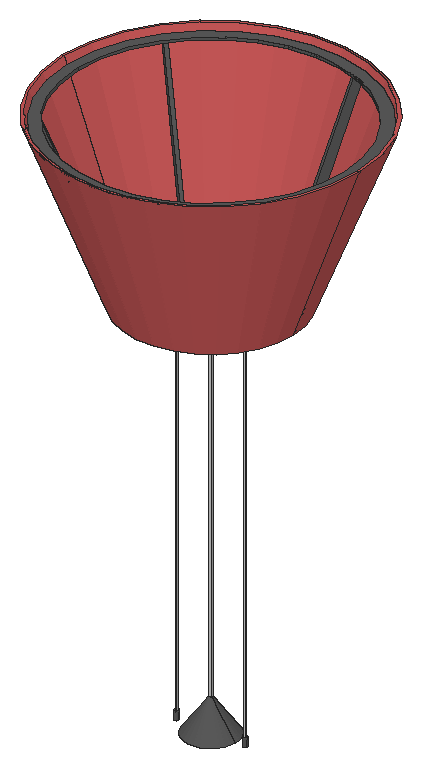
Revit family "Haworth_BuzziShade_Light", category Lighting Fixtures, host Face, Revit 2018
Family settings
  Host = Face
  Round Connector Dimension = Use Diameter
  Part Type = Normal
  Cut with Voids When Loaded = No
  Light Source = Yes
  Shared = No
  Room Calculation Point = No
Parameters (values of type "HCBZ-SHP1 - Medium")
  Wattage = 9.2903 W
  Warranty = "http://www.haworth.com/resources/product-info/warranties"
  built-in parameter 1150110 = 1 (stored number, unit not read)
  URL - Product = "https://www.haworth.com/products/lighting/acoustic/buzzishade"
  URL = "http://www.haworth.com/our-brands/haworth-collection"
  Trim Finish [instance] = Haworth _ Paint _ Collection Black
  built-in parameter 1114217 = 1 (stored number, unit not read)
  Tilt Angle = 60.00°
  built-in parameter 1150109 = 1 (stored number, unit not read)
  built-in parameter 1150134 = 3
  built-in parameter 1150113 = 1 (stored number, unit not read)
  Revision = "1"  # constant formula
  Photometric Web File = "generic"
  Note = "Verify Final Dim. w/ Haworth"  # constant formula
  built-in parameter 1150142 = (empty or 0)
  Model = "HCBZ-SHP"  # constant formula
  Min. Cable Length = 10.000"  # constant formula
  Medium = not(Large)  # yes
  Max. Cable Length = 196.85039"  # constant formula
  Manufacturer = "Haworth"  # constant formula
  built-in parameter 1150105 = 109.82 (stored number, unit not read)
  Lumens = 1380 lm
  built-in parameter 1150115 = 1 (stored number, unit not read)
  built-in parameter 1150137 = (empty or 0)
  built-in parameter 1150139 = (empty or 0)
  Large = no
  built-in parameter 1150112 = 1 (stored number, unit not read)
  Lamp Shade Finish [instance] = Haworth _ Fabric _ Buzzifelt _ Red BFE-59
  built-in parameter 1150114 = 1 (stored number, unit not read)
  built-in parameter 1150132 = (empty or 0)
  built-in parameter 1150102 = (empty or 0)
  built-in parameter 1150107 = 3200 (stored number, unit not read)
  built-in parameter 1150138 = (empty or 0)
  built-in parameter 1150106 = 1.0982 (stored number, unit not read)
  Emit from Circle Diameter = 24.000"
  Emit Shape Visible in Rendering = no
  built-in parameter 1150104 = 13.8 (stored number, unit not read)
  Dimming Lamp Color Temperature Shift = <None>
  Description = "Haworth BuzziShade Pendant Light Medium"
  Default Elevation = 0.000"
  Color Filter = 16777215
  Cable Length [instance] = 36.000"
  Cable Finish [instance] = Haworth _ Metal _ Brushed Aluminum
  built-in parameter 1114218 = 1 (stored number, unit not read)
  Author = "Haworth (Alias)"  # constant formula
  built-in parameter 1150133 = 10 (stored number, unit not read)
  Assembly Code = "E2020200"
  Actual Width = if(Large, 44.090", 29.130")  # 29.130"
  Actual Height = if(Large, 24.410", 16.540")  # 16.540"
  Actual Depth = if(Large, 44.090", 29.130")  # 29.130"
  Actual Cable Length [instance] = if(Cable Length > Max. Cable Length, Max. Cable Length, if(Cable Length < Min. Cable Length, Min. Cable Length, Cable Length))  # 36.000"
Types (3): name | Wattage | Tilt Angle | built-in parameter 1150134 | Medium | built-in parameter 1150105 | Lumens | Large | built-in parameter 1150107 | built-in parameter 1150106 | built-in parameter 1150104 | Description | Actual Width | Actual Height | Actual Depth
  (no name) | 9.2903 W | 60.00° | 3 | yes | 109.82 (stored number, unit not read) | 1380 lm | no | 3200 (stored number, unit not read) | 1.0982 (stored number, unit not read) | 13.8 (stored number, unit not read) | "Haworth BuzziShade Pendant Light Medium" | 29.130" | 16.540" | 29.130"
  HCBZ-SHP2 - Large | 19 W | 90.00° | (empty or 0) | no | 119.45 (stored number, unit not read) | 1501 lm | yes | 3000 (stored number, unit not read) | 1.1945 (stored number, unit not read) | 7.3393 (stored number, unit not read) | "Haworth BuzziShade Pendant Light Large" | 44.090" | 24.410" | 44.090"
  HCBZ-SHP1 - Medium | 9.2903 W | 60.00° | 3 | yes | 109.82 (stored number, unit not read) | 1380 lm | no | 3200 (stored number, unit not read) | 1.0982 (stored number, unit not read) | 13.8 (stored number, unit not read) | "Haworth BuzziShade Pendant Light Medium" | 29.130" | 16.540" | 29.130"
Reference planes (in)
  plane 1 "Center (Front/Back)": y = 0
  plane 2: z = 0
  plane 3 "Center (Left/Right)": x = 0
  plane 4 "Left": x = -14.565
  plane 5 "Right": x = 14.565
  plane 6 "Back": y = 14.565
  plane 7 "Front": y = -14.565
  plane 8 "Shade Bottom": z = 36.7874
  plane 9: z = 0.7874
  plane 10: z = 3.18583
  plane 11: z = 37.8504
  plane 12: z = 37.63652
  plane 13: z = 40.33652
Forms (in)
  Extrusion 1, solid, material "Haworth _ Metal _ Brushed Aluminum" <- "Cable Finish"
    sketch origin (0, 0, 0) x (1, 0, 0) y (0, 1, 0)
      loop
        circle (0, 0) r 0.11811
    from 3.18583 to 36.7874
  Extrusion 2, solid, material "Haworth _ Paint _ Collection Black" <- "Trim Finish"
    sketch origin (0, 0, 0) x (1, 0, 0) y (0, 1, 0)
      loop
        circle (3.35, 0) r 0.195
      loop
        circle (-3.35, 0) r 0.19544
    from 0 to 0.7874
  Revolve 3, solid, material "Haworth _ Paint _ Collection Black" <- "Trim Finish"
    sketch origin (0, 0, 0) x (1, 0, 0) y (0, 0, 1)
      loop
        line (0, 3.18583) -> (0, 0) -> (2.46063, 0) -> (0.11811, 3.18583) -> (0, 3.18583)
      axis (0, 3.18583) -> (0, 0)
    angle from 0 to 360
  Revolve 4, solid, material "Haworth _ Paint _ Collection Black" <- "Trim Finish"
    sketch origin (0, 0, 0) x (1, 0, 0) y (0, 0, 1)
      loop
        line (-3.34859, 36.7874) -> (-3.15174, 36.7874) -> (-3.15174, 37.5748) -> (-2.95489, 37.5748) -> (-2.95489, 37.8504) -> (-3.34859, 37.8504) -> (-3.34859, 36.7874)
      axis (-3.34859, 37.8504) -> (-3.34859, 36.7874)
    angle from 0 to 360
  Revolve 5, solid, material "Haworth _ Paint _ Collection Black" <- "Trim Finish"
    sketch origin (0, 0, 0) x (-1, 0, 0) y (0, 0, 1)
      loop
        line (-3.34859, 36.7874) -> (-3.15174, 36.7874) -> (-3.15174, 37.5748) -> (-2.95489, 37.5748) -> (-2.95489, 37.8504) -> (-3.34859, 37.8504) -> (-3.34859, 36.7874)
      axis (-3.34859, 37.8504) -> (-3.34859, 36.7874)
    angle from 0 to 360
  Revolve 6, solid, material "Haworth _ Paint _ Collection Black" <- "Trim Finish"
    sketch origin (-3.34859, 0, 0) x (-1, 0, 0) y (0, 0, 1)
      loop
        line (-3.34859, 36.7874) -> (-3.15174, 36.7874) -> (-3.15174, 37.5748) -> (-2.95489, 37.5748) -> (-2.95489, 37.8504) -> (-3.34859, 37.8504) -> (-3.34859, 36.7874)
      axis (-3.34859, 37.8504) -> (-3.34859, 36.7874)
    angle from 0 to 360
  Extrusion 7, solid, material "Haworth _ Metal _ Brushed Aluminum" <- "Cable Finish"
    sketch origin (-2.75, 0, 0) x (1, 0, 0) y (0, 1, 0)
      loop
        circle (-0.6, 0) r 0.075
    from 0.7874 to 36.7874
  Extrusion 8, solid, material "Haworth _ Metal _ Brushed Aluminum" <- "Cable Finish"
    sketch origin (2.75, 0, 0) x (-1, 0, 0) y (0, -1, 0)
      loop
        circle (-0.6, 0) r 0.075
    from 0.7874 to 36.7874
Dimensions and locks (in)
  "Actual Depth": plane 6 "Back" to plane 7 "Front"
  equal spacing: plane 6 "Back", plane 1 "Center (Front/Back)", plane 7 "Front"
  equal spacing: plane 4 "Left", plane 3 "Center (Left/Right)", plane 5 "Right"
  "Actual Width": plane 4 "Left" to plane 5 "Right"
  plane 10 to plane 9 to plane 2 = 2.39843" locked, 0.7874" locked
  locked: plane 3 "Center (Left/Right)" to Extrusion 2 sketch curve at 3.35
  locked: Extrusion 2 sketch curve to plane 3 "Center (Left/Right)" at 3.35
  "Actual Cable Length": plane 8 "Shade Bottom" to plane 9
  locked: plane 11 to plane 8 "Shade Bottom" at 1.063
  locked: plane 11 to plane 12 at 0.21388
  locked: Revolve 4 sketch curve to plane 3 "Center (Left/Right)" at 3.34859
  locked: plane 3 "Center (Left/Right)" to Revolve 4 sketch curve at 3.15174
  locked: plane 3 "Center (Left/Right)" to Revolve 4 sketch curve at 2.95489
  locked: plane 11 to Revolve 4 sketch curve at 0.2756
  locked: plane 3 "Center (Left/Right)" to Revolve 5 sketch curve at 3.34859
  locked: Revolve 5 sketch curve to plane 3 "Center (Left/Right)" at 3.15174
  locked: Revolve 5 sketch curve to plane 3 "Center (Left/Right)" at 2.95489
  locked: Revolve 5 sketch curve to plane 8 "Shade Bottom" at 0.7874
  locked: plane 3 "Center (Left/Right)" to Revolve 6 sketch curve at 0.3937
  locked: Revolve 6 sketch curve to plane 8 "Shade Bottom" at 0.7874
  locked: Extrusion 7 sketch curve to plane 3 "Center (Left/Right)" at 3.35
  locked: plane 3 "Center (Left/Right)" to Extrusion 8 sketch curve at 3.35
  locked: plane 13 to plane 12 at 2.7
  radius of Extrusion 1 sketch curve = 0.11811"
  radius of Extrusion 7 sketch curve = 0.075"
  radius of Extrusion 8 sketch curve = 0.075"
  aligned and locked: plane 2 to host face
  aligned and locked: level to host face
  aligned and locked: plane 1 "Center (Front/Back)" to Extrusion 1 sketch curve
  aligned and locked: plane 3 "Center (Left/Right)" to Extrusion 1 sketch curve
  aligned and locked: plane 8 "Shade Bottom" to Extrusion 1
  aligned and locked: plane 3 "Center (Left/Right)" to nested 1
  aligned and locked: plane 1 "Center (Front/Back)" to nested 1
  aligned and locked: plane 1 "Center (Front/Back)" to Extrusion 2 sketch curve  (x2)
  aligned and locked: Extrusion 2 to plane 2
  aligned and locked: plane 9 to Extrusion 2
  aligned and locked: Revolve 3 sketch curve to plane 2
  aligned and locked: Revolve 3 sketch curve to plane 10
  aligned and locked: Revolve 3 sketch curve to plane 3 "Center (Left/Right)"  (x2)
  aligned and locked: Revolve 4 sketch curve to plane 8 "Shade Bottom"
  aligned and locked: plane 11 to Revolve 4 sketch curve
  aligned and locked: Revolve 4 sketch curve to Revolve 4 sketch curve
  aligned and locked: Revolve 5 sketch curve to Revolve 5 sketch curve
  aligned and locked: Revolve 5 sketch curve to plane 11
  aligned and locked: plane 8 "Shade Bottom" to Revolve 5 sketch curve
  aligned and locked: Revolve 6 sketch curve to Revolve 6 sketch curve
  aligned and locked: Revolve 6 sketch curve to plane 3 "Center (Left/Right)"
  aligned and locked: plane 8 "Shade Bottom" to Revolve 6 sketch curve
  aligned and locked: Revolve 6 sketch curve to plane 11
  aligned and locked: nested 1 to plane 12
  aligned and locked: Extrusion 1 to plane 10
  aligned and locked: Extrusion 7 to plane 9
  aligned and locked: plane 8 "Shade Bottom" to Extrusion 7
  aligned and locked: plane 1 "Center (Front/Back)" to Extrusion 7 sketch curve
  aligned and locked: plane 1 "Center (Front/Back)" to Extrusion 8 sketch curve
  aligned and locked: Extrusion 8 to plane 9
  aligned and locked: plane 8 "Shade Bottom" to Extrusion 8
  aligned and locked: plane 13 to imposter light
Automatic sketch dimensions
  host sketch curve to host sketch curve = 96.000"  (x2)
  plane 3 "Center (Left/Right)" to Revolve 3 sketch curve = 0.11811"
  plane 3 "Center (Left/Right)" to Revolve 3 sketch curve = 2.46063"
  Revolve 3 sketch curve to Revolve 3 sketch curve = 1.81417"
  plane 10 to Revolve 3 sketch curve = 2.250"
  Revolve 4 sketch curve to plane 11 = 0.000"
  Revolve 4 sketch curve to plane 8 "Shade Bottom" = 2.937"
  Revolve 5 sketch curve to plane 11 = 0.000"
  Revolve 5 sketch curve to Revolve 5 sketch curve = 2.937"
  Revolve 6 sketch curve to plane 11 = 0.000"
  Revolve 6 sketch curve to Revolve 6 sketch curve = 0.19685"
  Revolve 6 sketch curve to Revolve 6 sketch curve = 2.937"
  radius of Extrusion 2 sketch curve = 0.195"
  radius of Extrusion 2 sketch curve = 0.19544"
Nested families (in)
  nested 1: "Haworth_BuzziShade_Pendant_PART" at (0, 0, 37.63652), type "Pendant"
    with Large no, Actual Width 29.130", Actual Height 16.540", Actual Depth 29.130"
Definition of nested family "Haworth_BuzziShade_Pendant_PART"
  Parameters (values of type "Pendant")
    Warranty = "http://www.haworth.com/resources/product-info/warranties"
    URL - Product = "https://www.haworth.com/products/lighting/acoustic/buzzishade"
    URL = "http://www.haworth.com/our-brands/haworth-collection"
    Trim Finish = none
    Size = "Verify Final Dim. w/ Haworth"  # constant formula
    Revision Number = "1"  # constant formula
    Model = "HCBZ-SHP"  # constant formula
    Medium = yes
    Manufacturer = "Haworth"  # constant formula
    Large = yes
    Lamp Shade Finish = none
    Description = "Haworth BuzziShade Pendant - Part"
    Author = "Haworth(Alias)"  # constant formula
    Actual Width = if(Large, 44.090", 29.130")  # 44.090"
    Actual Height = if(Large, 24.410", 16.540")  # 24.410"
    Actual Depth = if(Large, 44.090", 29.130")  # 44.090"
  Reference planes (in)
    plane 1 "Light Source Axis (F/B)": y = 0
    plane 2 "Bottom": z = 0
    plane 3 "Light Source Axis (L/R)": x = 0
    plane 4 "Light Source Elevation": z = 4.65482
    plane 5 "Top": z = 24.41
    plane 6: z = 0.21388
    plane 7: z = 0.4501
    plane 8: z = 23.59971
    plane 9: z = 23.83593
    plane 10: z = 2.65482
    plane 11: z = 16.54
    plane 12: z = 15.96191
    plane 13: z = 15.72569
  Forms (in)
    Revolve 1, solid, material <- "Lamp Shade Finish", visible <- "Large"
      sketch origin (0, 0, 0) x (1, 0, 0) y (0, 0, 1)
        loop
          line (-22.045, 24.41) -> (-12.045, 0.00166) -> (-11.795, 0.00166) -> (-21.795, 24.41) -> (-22.045, 24.41)
        axis (0, 24.41) -> (0, 0.00166)
      angle from 0 to 360
    Extrusion 2, solid, material <- "Trim Finish", visible <- "Large"
      sketch origin (0, 0, 0) x (1, 0, 0) y (0, 1, 0)
        loop
          circle (0, 0) r 21.645
        loop
          circle (0, 0) r 20.495
      from 23.59971 to 23.83593
    Extrusion 3, solid, material <- "Trim Finish", visible <- "Large"
      sketch origin (0, 0, 0) x (1, 0, 0) y (0, 1, 0)
        loop
          circle (0, 0) r 11.795
        loop
          arc (-10.55499, -1.38139) -> (0, -10.645) -> (10.55499, -1.38139) r 10.645
          arc (10.55499, -1.38139) -> (10.38702, -0.82881) -> (9.86091, -0.59055) r 0.7
          line (9.86091, -0.59055) -> (2.33568, -0.59055)
          arc (2.33568, -0.59055) -> (1.97999, -0.68765) -> (1.72298, -0.95201) r 0.7
          arc (1.72298, -0.95201) -> (0, -1.9685) -> (-1.72298, -0.95201) r 1.9685
          arc (-1.72298, -0.95201) -> (-1.97999, -0.68765) -> (-2.33568, -0.59055) r 0.7
          line (-2.33568, -0.59055) -> (-9.86091, -0.59055)
          arc (-9.86091, -0.59055) -> (-10.38702, -0.82881) -> (-10.55499, -1.38139) r 0.7
        loop
          line (-9.86066, 0.59055) -> (-2.33568, 0.59055)
          arc (-2.33568, 0.59055) -> (-1.97999, 0.68765) -> (-1.72298, 0.95201) r 0.7
          arc (-1.72298, 0.95201) -> (0, 1.9685) -> (1.72298, 0.95201) r 1.9685
          arc (1.72298, 0.95201) -> (1.97999, 0.68765) -> (2.33568, 0.59055) r 0.7
          line (2.33568, 0.59055) -> (9.86091, 0.59055)
          arc (9.86091, 0.59055) -> (10.38702, 0.82881) -> (10.55499, 1.38139) r 0.7
          arc (10.55499, 1.38139) -> (0.00013, 10.645) -> (-10.55495, 1.38165) r 10.645
          arc (-10.55495, 1.38165) -> (-10.38694, 0.82889) -> (-9.86066, 0.59055) r 0.70022
      from 0.21388 to 0.4501
    Extrusion 4, solid, material <- "Trim Finish", visible <- "Large"
      sketch origin (0, 0, 0) x (1, 0, 0) y (0, 0, 1)
        loop
          line (10.62313, 0.4501) -> (11.80308, 0.4501) -> (21.43245, 23.59971) -> (20.45817, 23.59971) -> (10.62313, 0.4501)
      from -0.13 to 0.12706
    Extrusion 5, solid, material <- "Trim Finish", visible <- "Large"
      sketch origin (0, 0, 0) x (0.309017, 0.951057, 0) y (0, 0, 1)
        loop
          line (10.62313, 0.4501) -> (11.80308, 0.4501) -> (21.43245, 23.59971) -> (20.45817, 23.59971) -> (10.62313, 0.4501)
      from -0.13 to 0.12706
    Extrusion 6, solid, material <- "Trim Finish", visible <- "Large"
      sketch origin (0, 0, 0) x (-0.809017, 0.587785, 0) y (0, 0, 1)
        loop
          line (10.62313, 0.4501) -> (11.80308, 0.4501) -> (21.43245, 23.59971) -> (20.45817, 23.59971) -> (10.62313, 0.4501)
      from -0.13 to 0.12706
    Extrusion 7, solid, material <- "Trim Finish", visible <- "Large"
      sketch origin (0, 0, 0) x (-0.809017, -0.587785, 0) y (0, 0, 1)
        loop
          line (10.62313, 0.4501) -> (11.80308, 0.4501) -> (21.43245, 23.59971) -> (20.45817, 23.59971) -> (10.62313, 0.4501)
      from -0.13 to 0.12706
    Extrusion 8, solid, material <- "Trim Finish", visible <- "Large"
      sketch origin (0, 0, 0) x (0.309017, -0.951057, 0) y (0, 0, 1)
        loop
          line (10.62313, 0.4501) -> (11.80308, 0.4501) -> (21.43245, 23.59971) -> (20.45817, 23.59971) -> (10.62313, 0.4501)
      from -0.13 to 0.12706
    Revolve 9, solid, material <- "Trim Finish"
      sketch origin (0, 0, 0) x (1, 0, 0) y (0, 0, 1)
        loop
          line (0, 0.4501) -> (0.30451, 0.4501)
          arc (0.30451, 0.4501) -> (0.38046, 0.47074) -> (0.4355, 0.527) r 0.15
          line (0.4355, 0.527) -> (0.84814, 1.26646)
          arc (0.84814, 1.26646) -> (0.87394, 1.33437) -> (0.87914, 1.40683) r 0.25
          line (0.87914, 1.40683) -> (0.79661, 2.51595)
          arc (0.79661, 2.51595) -> (0.74908, 2.61475) -> (0.64703, 2.65482) r 0.15
          line (0.64703, 2.65482) -> (0, 2.65482) -> (0, 0.4501)
        axis (0, 2.65482) -> (0, 0.4501)
      angle from 0 to 360
    Revolve 10, solid, material <- "Lamp Shade Finish", visible <- "Medium"
      sketch origin (0, 0, 0) x (1, 0, 0) y (0, 0, 1)
        loop
          line (-14.56997, 16.54) -> (-8.07, 0) -> (-7.82, 0) -> (-14.31997, 16.54) -> (-14.56997, 16.54)
        axis (0, 16.54) -> (0, 0)
      angle from 0 to 360
    Extrusion 11, solid, material <- "Trim Finish", visible <- "Medium"
      sketch origin (0, 0, 0) x (1, 0, 0) y (0, 1, 0)
        loop
          circle (0, 0) r 13
        loop
          circle (0, 0) r 14.15
      from 15.72569 to 15.96191
    Extrusion 12, solid, material <- "Trim Finish", visible <- "Medium"
      sketch origin (0, 0, 0) x (1, 0, 0) y (0, 1, 0)
        loop
          arc (-1.72298, -0.95201) -> (-1.97999, -0.68765) -> (-2.33568, -0.59055) r 0.7
          line (-2.33568, -0.59055) -> (-6.04162, -0.59055)
          arc (-6.04162, -0.59055) -> (-6.58584, -0.8503) -> (-6.72617, -1.43678) r 0.7
          arc (-6.72617, -1.43678) -> (0, -6.87792) -> (6.72617, -1.43678) r 6.87792
          arc (6.72617, -1.43678) -> (6.58584, -0.8503) -> (6.04162, -0.59055) r 0.7
          line (6.04162, -0.59055) -> (2.33568, -0.59055)
          arc (2.33568, -0.59055) -> (1.97999, -0.68765) -> (1.72298, -0.95201) r 0.7
          arc (1.72298, -0.95201) -> (0, -1.9685) -> (-1.72298, -0.95201) r 1.9685
        loop
          line (-6.04162, 0.59055) -> (-2.33568, 0.59055)
          arc (-2.33568, 0.59055) -> (-1.97999, 0.68765) -> (-1.72298, 0.95201) r 0.7
          arc (-1.72298, 0.95201) -> (0, 1.9685) -> (1.72298, 0.95201) r 1.9685
          arc (1.72298, 0.95201) -> (1.97999, 0.68765) -> (2.33568, 0.59055) r 0.7
          line (2.33568, 0.59055) -> (6.04162, 0.59055)
          arc (6.04162, 0.59055) -> (6.58584, 0.8503) -> (6.72617, 1.43678) r 0.7
          arc (6.72617, 1.43678) -> (0, 6.87792) -> (-6.72617, 1.43678) r 6.87792
          arc (-6.72617, 1.43678) -> (-6.58584, 0.8503) -> (-6.04162, 0.59055) r 0.7
        loop
          circle (0, 0) r 7.87452
      from 0.21388 to 0.4501
    Extrusion 13, solid, material <- "Trim Finish", visible <- "Medium"
      sketch origin (0, 0, 0) x (1, 0, 0) y (0, 0, 1)
        loop
          line (13.84624, 15.72569) -> (12.97826, 15.72569) -> (6.68612, 0.4501) -> (7.76104, 0.4501) -> (13.84624, 15.72569)
      from -0.13 to 0.13
    Extrusion 14, solid, material <- "Trim Finish", visible <- "Medium"
      sketch origin (0, 0, 0) x (0.309017, 0.951057, 0) y (0, 0, 1)
        loop
          line (13.84624, 15.72569) -> (12.97826, 15.72569) -> (6.68612, 0.4501) -> (7.76104, 0.4501) -> (13.84624, 15.72569)
      from -0.13 to 0.13
    Extrusion 15, solid, material <- "Trim Finish", visible <- "Medium"
      sketch origin (0, 0, 0) x (-0.809017, 0.587785, 0) y (0, 0, 1)
        loop
          line (13.84624, 15.72569) -> (12.97826, 15.72569) -> (6.68612, 0.4501) -> (7.76104, 0.4501) -> (13.84624, 15.72569)
      from -0.13 to 0.13
    Extrusion 16, solid, material <- "Trim Finish", visible <- "Medium"
      sketch origin (0, 0, 0) x (-0.809017, -0.587785, 0) y (0, 0, 1)
        loop
          line (13.84624, 15.72569) -> (12.97826, 15.72569) -> (6.68612, 0.4501) -> (7.76104, 0.4501) -> (13.84624, 15.72569)
      from -0.13 to 0.13
    Extrusion 17, solid, material <- "Trim Finish", visible <- "Medium"
      sketch origin (0, 0, 0) x (0.309017, -0.951057, 0) y (0, 0, 1)
        loop
          line (13.84624, 15.72569) -> (12.97826, 15.72569) -> (6.68612, 0.4501) -> (7.76104, 0.4501) -> (13.84624, 15.72569)
      from -0.13 to 0.13
  Lines and regions (in)
    Masking region 1, visible <- "Medium"
      outline origin (0, 0, 0) x (1, 0, 0) y (0, 1, 0)
        loop
          circle (0, 0) r 14.565
    Masking region 2, visible <- "Large"
      outline origin (0, 0, 0) x (1, 0, 0) y (0, 1, 0)
        loop
          circle (0, 0) r 22.045
    symbolic lines, visible <- "Large", detail levels medium+fine
      curve 1: circle (0, 0, 0) r 12.045 normal (0, 0, 1)
    symbolic lines, visible <- "Medium", detail levels medium+fine
      curve 2: circle (0, 0, 0) r 8.07 normal (0, 0, 1)
  Dimensions and locks (in)
    locked: plane 5 "Top" to plane 2 "Bottom" at 24.41
    locked: Revolve 1 sketch curve to Revolve 1 sketch curve at 0.25  (x2)
    plane 7 to plane 6 to plane 2 "Bottom" = 0.23622" locked, 0.21388" locked
    plane 5 "Top" to plane 9 to plane 8 = 0.57407" locked, 0.23622" locked
    locked: plane 10 to plane 2 "Bottom" at 2.65482
    locked: plane 4 "Light Source Elevation" to plane 10 at 2
    locked: plane 11 to plane 2 "Bottom" at 16.54
    plane 11 to plane 12 to plane 13 = 0.57809" locked, 0.23622" locked
    radius of Extrusion 2 sketch curve = 21.645"
    radius of Extrusion 2 sketch curve = 20.495"
    aligned and locked: level to plane 2 "Bottom"
    aligned and locked: plane 9 to Extrusion 2
    aligned and locked: Extrusion 2 to plane 8
    aligned and locked: Extrusion 3 to plane 6
    aligned and locked: plane 7 to Extrusion 3
    aligned and locked: Extrusion 12 to plane 6
    aligned and locked: plane 7 to Extrusion 12
